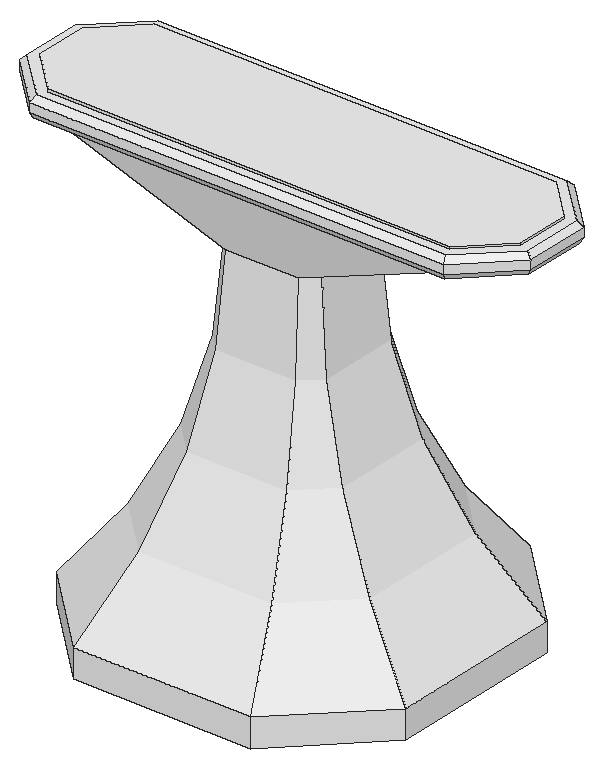
Revit family "Robe_Hook-DXV-Belshire-D35170210_Series", category Specialty Equipment, host Face, Revit 2019
Family settings
  Host = Face
  Round Connector Dimension = Use Diameter
  Part Type = Normal
  OmniClass Number = 23.40.20.21.31
  OmniClass Title = Robe Hooks
  Cut with Voids When Loaded = No
  Shared = Yes
  Room Calculation Point = No
Parameters (values of type "D35170210.100")
  Width = 1 7/8"
  URL = "http://www.dxv.com/"
  Type Comments = ""
  Product Page URL = "https://www.dxv.com/product/belshire-robe-hook"
  Product Documentation Link = "https://dxv01.blob.core.windows.net/dxv-product-pdf-files/spec_D35170210_DXV_Belshire_robe_hook.pdf"
  Price = "Prices may vary. Please consult Manufacturer Representative for most up-to-date price list."  # constant formula
  Model = "D35170210.100"
  Material = "Metal-DXV-100-Polished Chrome"
  Finish = Metal-DXV-100-Polished Chrome
  Manufacturer = "DXV"
  Length = 2 3/4"
  Installation Type = "Wall Mounted"
  Height = 2 3/8"
  Description = "BELSHIRE ROBE HOOK"
  Default Elevation = 48"
  Creation Date = "23/02/2022"  # constant formula
  Assembly Code = "C1030220"
Types (5): name | Model | Material | Finish
  (no name) | "D35170210.100" | "Metal-DXV-100-Polished Chrome" | Metal-DXV-100-Polished Chrome
  D35170210.100 | "D35170210.100" | "Metal-DXV-100-Polished Chrome" | Metal-DXV-100-Polished Chrome
  D35170210.144 | "D35170210.144" | "Metal-DXV-144-Brushed Nickel" | Metal-DXV-144-Brushed Nickel
  D35170210.150 | "D35170210.150" | "Metal-DXV-150-Platinum Nickel" | Metal-DXV-150-Platinum Nickel
  D35170210.427 | "D35170210.427" | "Metal-DXV-427-Satin Brass" | Metal-DXV-427-Satin Brass
Reference planes (in)
  plane 1 "Center (Front/Back)": y = 0
  plane 2: z = 0
  plane 3 "Center (Left/Right)": x = 0
  plane 4 "Finished Floor": y = -48
  plane 5: x = 0.9375
  plane 6: x = -0.9375
  plane 7: z = 2.375
  plane 8: z = 1.125
  plane 9: z = 0.625
  plane 10: y = 0.9375
  plane 11: y = -0.9375
  plane 12: y = -0.4375
  plane 13: y = 0.4375
  plane 14: x = -1.375
  plane 15: x = 1.375
Forms (in)
  Sweep 1, solid, material "Metal-DXV-100-Polished Chrome" <- "Finish"
    path origin (0, 0, 0) x (1, 0, 0) y (0, 1, 0)
      loop
        line (-0.47537, 0.9375) -> (-0.9375, 0.47537) -> (-0.9375, -0.47537) -> (-0.47537, -0.9375) -> (0.47537, -0.9375) -> (0.9375, -0.47537) -> (0.9375, 0.47537) -> (0.47537, 0.9375) -> (-0.47537, 0.9375)
    profile origin (0, 0.9375, 0) x (0, 1, 0) y (0, 0, 1)
      loop
        line (-0.67412, 0) -> (0, 0) -> (0, 0.15192)
        arc (0, 0.15192) -> (-0.49957, 0.9481) -> (-0.67412, 1.87169) r 2.53076
        line (-0.67412, 1.87169) -> (-0.67412, 0)
  Blend 2, solid, material "Metal-DXV-100-Polished Chrome" <- "Finish"
    base sketch origin (0, 0, 0.89828) x (0, -1, 0) y (1, 0, 0)
      loop
        line (-0.19614, -0.26338) -> (0.19614, -0.26338) -> (0.26338, -0.19614) -> (0.26338, 0.19614) -> (0.19614, 0.26338) -> (-0.19614, 0.26338) -> (-0.26338, 0.19614) -> (-0.26338, -0.19614) -> (-0.19614, -0.26338)
    top sketch origin (0, 0, 0) x (0, -1, 0) y (1, 0, 0)
      loop
        line (-0.35725, -1.08065) -> (-0.14315, -1.29475) -> (0.14315, -1.29475) -> (0.35725, -1.08065) -> (0.35725, 1.08065) -> (0.14315, 1.29475) -> (-0.14315, 1.29475) -> (-0.35725, 1.08065) -> (-0.35725, -1.08065)
    from 0.97341 to 2.2566
  Sweep 3, solid, material "Metal-DXV-100-Polished Chrome" <- "Finish"
    path origin (0, 0, 0.89828) x (1, 0, 0) y (0, 1, 0)
      loop
        line (1.11389, 0.4375) -> (-1.11389, 0.4375) -> (-1.375, 0.17639) -> (-1.375, -0.17639) -> (-1.11389, -0.4375) -> (1.11389, -0.4375) -> (1.375, -0.17639) -> (1.375, 0.17639) -> (1.11389, 0.4375)
    profile origin (0, 0.4375, 0.89828) x (0, -1, 0) y (0, 0, 1)
      loop
        line (0.08025, 1.35832) -> (0.08025, 1.46564) -> (0.02942, 1.46564) -> (0, 1.43623) -> (0, 1.38774) -> (0.01996, 1.35832) -> (0.08025, 1.35832)
  Extrusion 4, solid, material "Metal-DXV-100-Polished Chrome" <- "Finish"
    sketch origin (0, 0, 0.89828) x (1, 0, 0) y (0, 1, 0)
      loop
        line (-1.29475, 0.14315) -> (-1.29475, -0.14315) -> (-1.08065, -0.35725) -> (1.08065, -0.35725) -> (1.29475, -0.14315) -> (1.29475, 0.14315) -> (1.08065, 0.35725) -> (-1.08065, 0.35725) -> (-1.29475, 0.14315)
    from 1.35832 to 1.47672
Cuts and joins
  joined: Blend 2, Sweep 3, Extrusion 4
Lines and regions (in)
  Masking region 1
    outline origin (0, 0, 0) x (1, 0, 0) y (0, 0, 1)
      loop
        line (1.33451, 2.375) -> (-1.33451, 2.375) -> (-1.375, 2.33451) -> (-1.375, 2.28602) -> (-1.35504, 2.2566) -> (-1.29475, 2.2566) -> (-0.26338, 1.87169)
        arc (-0.26338, 1.87169) -> (-0.43793, 0.9481) -> (-0.9375, 0.15192) r 2.53076
        line (-0.9375, 0.15192) -> (-0.9375, 0) -> (0.9375, 0) -> (0.9375, 0.15192)
        arc (0.9375, 0.15192) -> (0.43793, 0.9481) -> (0.26338, 1.87169) r 2.53076
        line (0.26338, 1.87169) -> (1.29475, 2.2566) -> (1.35504, 2.2566) -> (1.375, 2.28602) -> (1.375, 2.33451) -> (1.33451, 2.375)
  symbolic lines, detail levels medium+fine
    curve 1: line (-1.29475, 0, 2.2566) -> (1.29475, 0, 2.2566)
    curve 9: line (-0.26338, 0, 1.87169) -> (0.26338, 0, 1.87169)
    curve 16: line (0.9375, 0, 0.15192) -> (0.47537, 0, 0.15192)
    curve 17: line (0.47537, 0, 0.15192) -> (-0.47537, 0, 0.15192)
    curve 18: line (-0.47537, 0, 0.15192) -> (-0.9375, 0, 0.15192)
  symbolic lines, detail levels fine
    curve 2: line (-1.14161, 0, 2.28602) -> (1.14161, 0, 2.28602)
    curve 3: line (1.14161, 0, 2.28602) -> (1.375, 0, 2.28602)
    curve 4: line (1.14161, 0, 2.33451) -> (1.375, 0, 2.33451)
    curve 5: line (-1.14161, 0, 2.33451) -> (1.14161, 0, 2.33451)
    curve 6: line (-1.375, 0, 2.33451) -> (-1.14161, 0, 2.33451)
    curve 7: line (-1.375, 0, 2.28602) -> (-1.14161, 0, 2.28602)
    curve 8: line (1.34558, 0, 2.36393) -> (-1.34558, 0, 2.36393)
    curve 10: line (-0.19614, 0, 1.87169) -> (-1.08065, 0, 2.2566)
    curve 11: line (0.19614, 0, 1.87169) -> (1.08065, 0, 2.2566)
    curve 12: spline (-0.196, 0, 1.87169) -> (-0.19864, 0, 1.71208) -> (-0.20524, 0, 1.55323) -> (-0.21579, 0, 1.39583) -> (-0.23025, 0, 1.24057) -> (-0.24853, 0, 1.0881) -> (-0.27058, 0, 0.9391) -> (-0.29629, 0, 0.7942) -> (-0.32555, 0, 0.65403) -> (-0.35824, 0, 0.51919) -> (-0.39421, 0, 0.39028) -> (-0.43331, 0, 0.26784) -> (-0.47537, 0, 0.15241)
    curve 13: spline (0.196, 0, 1.87169) -> (0.19824, 0, 1.71208) -> (0.20453, 0, 1.55323) -> (0.21483, 0, 1.39584) -> (0.2291, 0, 1.24057) -> (0.24728, 0, 1.0881) -> (0.26929, 0, 0.9391) -> (0.29503, 0, 0.7942) -> (0.3244, 0, 0.65403) -> (0.35727, 0, 0.5192) -> (0.39349, 0, 0.39028) -> (0.43292, 0, 0.26785) -> (0.47537, 0, 0.15242)
    curve 14: line (-0.47537, 0, 0.15241) -> (-0.47537, 0, 0)
    curve 15: line (0.47537, 0, 0) -> (0.47537, 0, 0.15242)
Dimensions and locks (in)
  "Default Elevation": plane 4 "Finished Floor" to plane 1 "Center (Front/Back)"
  equal spacing: plane 6, plane 3 "Center (Left/Right)", plane 5
  equal spacing: plane 11, plane 1 "Center (Front/Back)", plane 10
  plane 13 to plane 12 = 7/8"  (x2)
  plane 7 to host face = 2 3/8"  (x2)
  plane 6 to plane 5 = 1 7/8"
  plane 15 to plane 14 = 2 3/4"
  aligned and locked: plane 2 to host face
  aligned and locked: level to host face
Automatic sketch dimensions
  host sketch curve to host sketch curve = 96"  (x2)
  plane 13 to Sweep 3 sketch curve = 0"
  plane 6 to Sweep 3 sketch curve = 0.17639"  (x2)
  Sweep 3 sketch curve to plane 1 "Center (Front/Back)" = 0.17639"  (x2)
  Sweep 3 sketch curve to Sweep 3 sketch curve = 0.26111"  (x2)
  plane 5 to Sweep 3 sketch curve = 0.17639"  (x2)
  plane 1 "Center (Front/Back)" to Sweep 3 sketch curve = 0.17639"  (x2)
  plane 12 to Sweep 3 sketch curve = 0"
  plane 13 to Extrusion 4 sketch curve = 0.08025"
  plane 6 to Extrusion 4 sketch curve = 0.14315"  (x2)
  Extrusion 4 sketch curve to plane 1 "Center (Front/Back)" = 0.14315"  (x2)
  Extrusion 4 sketch curve to Extrusion 4 sketch curve = 0.2141"  (x2)
  plane 5 to Extrusion 4 sketch curve = 0.14315"  (x2)
  plane 1 "Center (Front/Back)" to Extrusion 4 sketch curve = 0.14315"  (x2)
  Extrusion 4 sketch curve to plane 12 = 0.08025"
  Sweep 3 sketch curve to profile plane = 0.02942"
  Sweep 3 sketch curve to profile plane = 0.01996"
  Sweep 3 sketch curve to Sweep 3 sketch curve = 0.01996"
  Sweep 3 sketch curve to profile plane = 0.08025"
  level to Sweep 3 sketch curve = 2.2566"
  Sweep 3 sketch curve to Sweep 3 sketch curve = 0.02942"  (x2)
  Sweep 3 sketch curve to Sweep 3 sketch curve = 0.04849"
  plane 13 to Blend 2 sketch curve = 0.08025"
  plane 14 to Blend 2 sketch curve = 0.08025"
  Blend 2 sketch curve to plane 12 = 0.08025"
  Blend 2 sketch curve to plane 15 = 0.08025"
  Blend 2 sketch curve to plane 1 "Center (Front/Back)" = 0.14315"  (x2)
  plane 1 "Center (Front/Back)" to Blend 2 sketch curve = 0.14315"  (x2)
  plane 6 to Blend 2 sketch curve = 0.14315"  (x2)
  plane 5 to Blend 2 sketch curve = 0.14315"  (x2)
  Sweep 1 sketch curve to plane 10 = 0"
  Sweep 1 sketch curve to plane 5 = 0"
  Sweep 1 sketch curve to plane 6 = 0.46213"  (x2)
  Sweep 1 sketch curve to plane 5 = 0.46213"  (x2)
  plane 12 to Sweep 1 sketch curve = 0.03787"  (x2)
  Sweep 1 sketch curve to plane 13 = 0.03787"  (x2)
  plane 11 to Sweep 1 sketch curve = 0"
  Sweep 1 sketch curve to plane 6 = 0"
  plane 13 to Blend 2 sketch curve = 0.17412"
  Blend 2 sketch curve to Blend 2 sketch curve = 0.06724"  (x6)
  plane 1 "Center (Front/Back)" to Blend 2 sketch curve = 0.19614"  (x2)
  Blend 2 sketch curve to plane 3 "Center (Left/Right)" = 0.26338"
  plane 3 "Center (Left/Right)" to Blend 2 sketch curve = 0.19614"  (x2)
  Sweep 1 sketch curve to level = 0"
  Sweep 1 sketch curve to profile plane = 0"
  Sweep 1 sketch curve to Sweep 1 sketch curve = 0.67412"
  Sweep 1 sketch curve to profile plane = 1.85665"
  level to Sweep 1 sketch curve = 1.87169"
  Masking region 1 sketch curve to plane 14 = 0"
  Masking region 1 sketch curve to plane 7 = 0"
  plane 6 to Masking region 1 sketch curve = 0"
  Masking region 1 sketch curve to plane 5 = 0"
  Masking region 1 sketch curve to plane 15 = 0"
  Masking region 1 sketch curve to level = 0"
  Masking region 1 sketch curve to plane 7 = 0.50331"  (x2)
  Masking region 1 sketch curve to plane 14 = 1.41915"
  plane 14 to Masking region 1 sketch curve = 0.01996"
  plane 14 to Masking region 1 sketch curve = 0.04049"
  Masking region 1 sketch curve to Masking region 1 sketch curve = 0.06029"
  Masking region 1 sketch curve to plane 3 "Center (Left/Right)" = 0.26338"
  plane 3 "Center (Left/Right)" to Masking region 1 sketch curve = 0.26338"
  Masking region 1 sketch curve to plane 15 = 0.08025"
  Masking region 1 sketch curve to plane 15 = 0.04049"
  Masking region 1 sketch curve to plane 15 = 0.01996"
  plane 15 to Masking region 1 sketch curve = 1.41915"
  Masking region 1 sketch curve to plane 7 = 0.1184"  (x2)
  Masking region 1 sketch curve to Masking region 1 sketch curve = 0.02942"  (x2)
  Masking region 1 sketch curve to plane 7 = 0.04049"  (x2)
  curve 6 to plane 14 = 0"
  curve 7 to plane 14 = 0"
  curve 4 to plane 15 = 0"
  curve 3 to plane 15 = 0"
  curve 2 to plane 7 = 0.08898"
  plane 6 to curve 2 = 0.20411"
  curve 6 to curve 2 = 0"
  curve 5 to plane 7 = 0.04049"
  plane 5 to curve 5 = 0.20411"
  curve 4 to curve 2 = 0"
  curve 8 to plane 7 = 0.01107"
  plane 14 to curve 8 = 0.02942"
  plane 14 to curve 1 = 0.08025"
  curve 1 to plane 15 = 0.08025"
  curve 8 to plane 15 = 0.02942"
  curve 1 to curve 3 = 0.02942"
  plane 6 to curve 10 = 0.14315"
  curve 9 to plane 7 = 0.50331"
  curve 9 to plane 3 "Center (Left/Right)" = 0.26338"
  curve 9 to curve 10 = 0.06724"
  plane 3 "Center (Left/Right)" to curve 9 = 0.26338"
  curve 10 to plane 7 = 0.1184"
  curve 11 to curve 9 = 0.06724"
  plane 5 to curve 11 = 0.14315"
  curve 11 to plane 7 = 0.1184"
  curve 14 to level = 0"
  level to curve 14 = 0.15241"
  curve 14 to plane 6 = 0.46213"
  plane 6 to curve 12 = 0.18047"
  plane 6 to curve 12 = 0.18431"
  curve 10 to curve 12 = 0.00014"
  curve 13 to curve 11 = 0.00014"
  level to curve 13 = 0.15242"
  plane 3 "Center (Left/Right)" to curve 13 = 0.47537"
  plane 5 to curve 13 = 0.19215"
  plane 5 to curve 13 = 0.19601"
  curve 13 to level = 0.54093"
  curve 12 to level = 0.54093"
  curve 15 to level = 0"
  curve 16 to plane 5 = 0"
  level to curve 16 = 0.15192"
  curve 17 to curve 12 = 0.0005"
  plane 6 to curve 18 = 0"
  curve 18 to curve 17 = 0"  (x2)
